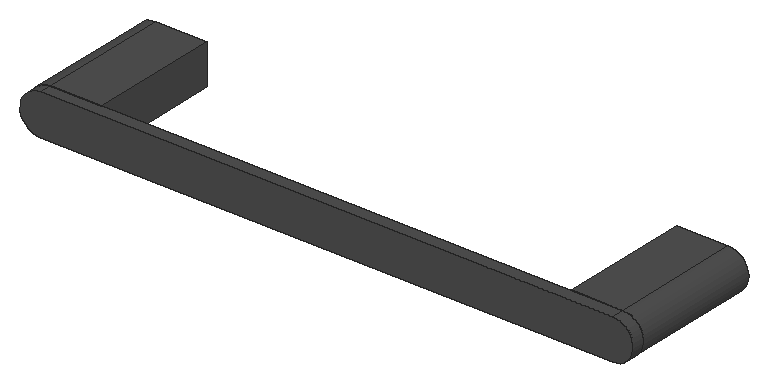
Revit family "Reece_Accessory_Mizu_Soothe_Single Towel Rail", category Plumbing Fixtures, host Face, Revit 2018
Family settings
  Host = Face
  Round Connector Dimension = Use Diameter
  Part Type = Normal
  Cut with Voids When Loaded = Yes
  Shared = Yes
  Room Calculation Point = Yes
Parameters (values of type "300 mm_Matte Black")
  URL = "https://www.reece.com.au/product/-2268107"
  Type Comments = "Accessory\r\n"
  Reece_Product_Web Page = "https://www.reece.com.au/product/-2268107"
  Reece_Product_Type = "Accessory\r\n"  # constant formula
  Reece_Product_Sub Brand = "Soothe\r\n"  # constant formula
  Reece_Product_Number = "2268107"
  Reece_Product_Mount = "Wall Mounted"
  Reece_Product_Description = "Mizu Soothe Single Towel Rail 300mm Matte Black"
  Reece_Product_Brand = "Mizu\r\n"  # constant formula
  Reece_Overall_Width = 300 mm
  Reece_Overall_Projection = 70.5 mm  # constant formula
  Reece_Overall_Height = 20 mm  # constant formula
  Reece_Material_Main = Reece_Brass_Matte Black
  Reece_Height_From_Level [instance] = 1000 mm
  Reece_Fixing_Point_Width = 265 mm
  Reece_Detail_Shape = ""
  Reece_Detail_Installation = ""
  Reece_Detail_Disclaimer = "THIS FILE IS THE PROPERTY OF THE REECE GROUP. IT MAY NOT BE REPRODUCED, REVERSE-ENGINEERED OR MODIFIED. ANY REPUBLICATION, TRANSMISSION OR DISTRIBUTION FOR THE PURPOSE OF COMMERCIALLY EXPLOITING THE FILES IS PROHIBITED."  # constant formula
  Reece_Detail_Connector = ""  # constant formula
  Reece_Detail_Additional = "Single Towel Rail\r\n"  # constant formula
  Model = "Soothe\r\n"
  Manufacturer = "Mizu\r\n"
  Keynote = "Product #2268107, Reece_Accessory_Mizu_Soothe_Single Towel Rail - 300 mm_Matte Black"
  Disclaimer = "THIS FILE IS THE PROPERTY OF THE REECE GROUP. IT MAY NOT BE REPRODUCED, REVERSE-ENGINEERED OR MODIFIED. ANY REPUBLICATION, TRANSMISSION OR DISTRIBUTION FOR THE PURPOSE OF COMMERCIALLY EXPLOITING THE FILES IS PROHIBITED."  # constant formula
  Description = "Mizu Soothe Single Towel Rail 300mm Matte Black"
  Default Elevation = 0 mm
Types (9, lengths in mm): name | URL | Reece_Product_Web Page | Reece_Product_Number | Reece_Product_Description | Reece_Overall_Width | Reece_Material_Main | Reece_Fixing_Point_Width | Keynote | Description
  (no name) | "https://www.reece.com.au/product/-9504692" | "https://www.reece.com.au/product/-9504692" | "9504692" | "Mizu Soothe Single Towel Rail 300mm Chrome" | 300 | Reece_Brass_Chrome | 265 | "Product #9504692, Reece_Accessory_Mizu_Soothe_Single Towel Rail -  " | "Mizu Soothe Single Towel Rail 300mm Chrome"
  300 mm_Chrome | "https://www.reece.com.au/product/-9504692" | "https://www.reece.com.au/product/-9504692" | "9504692" | "Mizu Soothe Single Towel Rail 300mm Chrome" | 300 | Reece_Brass_Chrome | 265 | "Product #9504692, Reece_Accessory_Mizu_Soothe_Single Towel Rail - 300 mm_Chrome" | "Mizu Soothe Single Towel Rail 300mm Chrome"
  300 mm_Matte Black | "https://www.reece.com.au/product/-2268107" | "https://www.reece.com.au/product/-2268107" | "2268107" | "Mizu Soothe Single Towel Rail 300mm Matte Black" | 300 | Reece_Brass_Matte Black | 265 | "Product #2268107, Reece_Accessory_Mizu_Soothe_Single Towel Rail - 300 mm_Matte Black" | "Mizu Soothe Single Towel Rail 300mm Matte Black"
  600 mm_Chrome | "https://www.reece.com.au/product/-9504044" | "https://www.reece.com.au/product/-9504044" | "9504044" | "Mizu Soothe Single Towel Rail 600mm Chrome" | 620 | Reece_Brass_Chrome | 585 | "Product #9504044, Reece_Accessory_Mizu_Soothe_Single Towel Rail - 600 mm_Chrome" | "Mizu Soothe Single Towel Rail 600mm Chrome"
  600 mm_Matte Black | "https://www.reece.com.au/product/-2268108" | "https://www.reece.com.au/product/-2268108" | "2268108" | "Mizu Soothe Single Towel Rail 600mm Matte Black" | 620 | Reece_Brass_Matte Black | 585 | "Product #2268108, Reece_Accessory_Mizu_Soothe_Single Towel Rail - 600 mm_Matte Black" | "Mizu Soothe Single Towel Rail 600mm Matte Black"
  750 mm_Chrome | "https://www.reece.com.au/product/-9504046" | "https://www.reece.com.au/product/-9504046" | "9504046" | "Mizu Soothe Single Towel Rail 750mm Chrome" | 770 | Reece_Brass_Chrome | 735 | "Product #9504046, Reece_Accessory_Mizu_Soothe_Single Towel Rail - 750 mm_Chrome" | "Mizu Soothe Single Towel Rail 750mm Chrome"
  750 mm_Matte Black | "https://www.reece.com.au/product/-2268109" | "https://www.reece.com.au/product/-2268109" | "2268109" | "Mizu Soothe Single Towel Rail 750mm Matte Black" | 770 | Reece_Brass_Matte Black | 735 | "Product #2268109, Reece_Accessory_Mizu_Soothe_Single Towel Rail - 750 mm_Matte Black" | "Mizu Soothe Single Towel Rail 750mm Matte Black"
  900 mm_Chrome | "https://www.reece.com.au/product/-9504048" | "https://www.reece.com.au/product/-9504048" | "9504048" | "Mizu Soothe Single Towel Rail 900mm Chrome" | 900 | Reece_Brass_Chrome | 865 | "Product #9504048, Reece_Accessory_Mizu_Soothe_Single Towel Rail - 900 mm_Chrome" | "Mizu Soothe Single Towel Rail 900mm Chrome"
  900 mm_Matte Black | "https://www.reece.com.au/product/-2268110" | "https://www.reece.com.au/product/-2268110" | "2268110" | "Mizu Soothe Single Towel Rail 900mm Matte Black" | 900 | Reece_Brass_Matte Black | 865 | "Product #2268110, Reece_Accessory_Mizu_Soothe_Single Towel Rail - 900 mm_Matte Black" | "Mizu Soothe Single Towel Rail 900mm Matte Black"
Reference planes
  plane 1 "Center (Front/Back)": y = 0
  plane 2 "Bottom Host Plane": z = -5
  plane 3 "Center (Left/Right)": x = 0
  plane 4: x = -132.5
  plane 5: x = 132.5
  plane 6: y = -70.5
  plane 7: z = 1000
  plane 8: x = 150.039
  plane 9: x = -149.961
  plane 10: x = 114.961
  plane 11: x = -114.961
  plane 12 "Rail Reference": y = -67.5
Forms (mm)
  Sweep 1, solid, material "Reece_Brass_Matte Black" <- "Reece_Material_Main"
    path origin (436.249, 0, 1000) x (1, 0, 0) y (0, 1, 0)
      loop
        line (-303.749, 0) -> (-303.749, -64.391)
    profile origin (132.5, -32.195, 1000) x (1, 0, 0) y (0, 0, 1)
      loop
        line (7.547, 9.427) -> (-17.539, 9.427) -> (-17.539, -10.565) -> (7.466, -10.564)
        arc (7.466, -10.564) -> (17.543, -0.61) -> (7.547, 9.427) r 9.996
  Extrusion 2, solid, material "Reece_Brass_Matte Black" <- "Reece_Material_Main"
    sketch origin (0, -67.5, 0) x (1, 0, 0) y (0, 0, 1)
      loop
        line (140.058, 1009.427) -> (-140.058, 1009.427)
        arc (-140.058, 1009.427) -> (-150.054, 999.431) -> (-140.058, 989.435) r 9.996
        line (-140.058, 989.435) -> (140.058, 989.435)
        arc (140.058, 989.435) -> (150.054, 999.431) -> (140.058, 1009.427) r 9.996
    from -3.109 to 3
  Sweep 3, solid, material "Reece_Brass_Matte Black" <- "Reece_Material_Main"
    path origin (-436.249, 0, 1000) x (-1, 0, 0) y (0, -1, 0)
      loop
        line (-303.749, 0) -> (-303.749, 64.391)
    profile origin (-132.5, -32.195, 1000) x (1, 0, 0) y (0, 0, 1)
      loop
        arc (-7.547, 9.427) -> (-17.543, -0.61) -> (-7.466, -10.564) r 9.996
        line (-7.466, -10.564) -> (17.539, -10.565) -> (17.539, 9.427) -> (-7.547, 9.427)
Lines and regions (mm)
  model lines, style "InvisibleLines"
    curve 1: line (0, 0, 1000) -> (0, 0, -5)
Text (mm)
  text "Reece ©" at (2584.235, -2273.741, 3158.837), in view "Reece Preview"
Dimensions and locks
  "Reece_Fixing_Point_Width": plane 4 to plane 5
  plane 6 to plane 1 "Center (Front/Back)" = 70.5 mm
  locked: plane 2 "Bottom Host Plane" to level at 5
  equal spacing: plane 4, plane 3 "Center (Left/Right)", plane 5
  "Reece_Overall_Width": plane 9 to plane 8
  "Reece_Height_From_Level": plane 7 to level
  plane 5 to plane 4 = 265 mm
  plane 9 to plane 8 = 300 mm  (x2)
  Extrusion 2 to Extrusion 2 = 19.992 mm  (x2)
  plane 4 to plane 5 = 265 mm
  plane 7 to level = 1000 mm  (x2)
  "Reece_Overall_Projection": plane 1 "Center (Front/Back)" to plane 6
  locked: plane 9 to plane 4 at 17.461
  plane 5 to plane 8 = 17.539 mm
  aligned and locked: Sweep 1 sketch curve to plane 5
  aligned and locked: plane 6 to Extrusion 2
  aligned and locked: plane 7 to curve 1
  aligned and locked: curve 1 to plane 3 "Center (Left/Right)"
  aligned and locked: plane 2 "Bottom Host Plane" to curve 1
Automatic sketch dimensions
  plane 1 "Center (Front/Back)" to Sweep 1 sketch curve = 0 mm
  Sweep 1 sketch curve to plane 12 "Rail Reference" = 3.109 mm
  profile plane to Sweep 1 sketch curve = 17.539 mm
  Sweep 1 sketch curve to plane 7 = 0.569 mm
  Sweep 1 sketch curve to profile plane = 7.547 mm
  Sweep 1 sketch curve to plane 7 = 10.565 mm
  plane 7 to Sweep 1 sketch curve = 9.427 mm
  Sweep 1 sketch curve to profile plane = 7.461 mm
  Sweep 1 sketch curve to Sweep 1 sketch curve = 0.004 mm
  plane 4 to Extrusion 2 sketch curve = 7.558 mm
  plane 5 to Extrusion 2 sketch curve = 7.558 mm
  Extrusion 2 sketch curve to plane 7 = 10.565 mm
  Extrusion 2 sketch curve to plane 7 = 0.569 mm
  Sweep 3 sketch curve to plane 4 = 0 mm
  plane 1 "Center (Front/Back)" to Sweep 3 sketch curve = 0 mm
  Sweep 3 sketch curve to plane 12 "Rail Reference" = 3.109 mm
  profile plane to Sweep 3 sketch curve = 7.547 mm
  Sweep 3 sketch curve to profile plane = 17.539 mm
  Sweep 3 sketch curve to plane 7 = 10.565 mm
  Sweep 3 sketch curve to plane 7 = 0.569 mm
  plane 7 to Sweep 3 sketch curve = 9.427 mm
  profile plane to Sweep 3 sketch curve = 7.466 mm
  Sweep 3 sketch curve to Sweep 3 sketch curve = 0.004 mm
